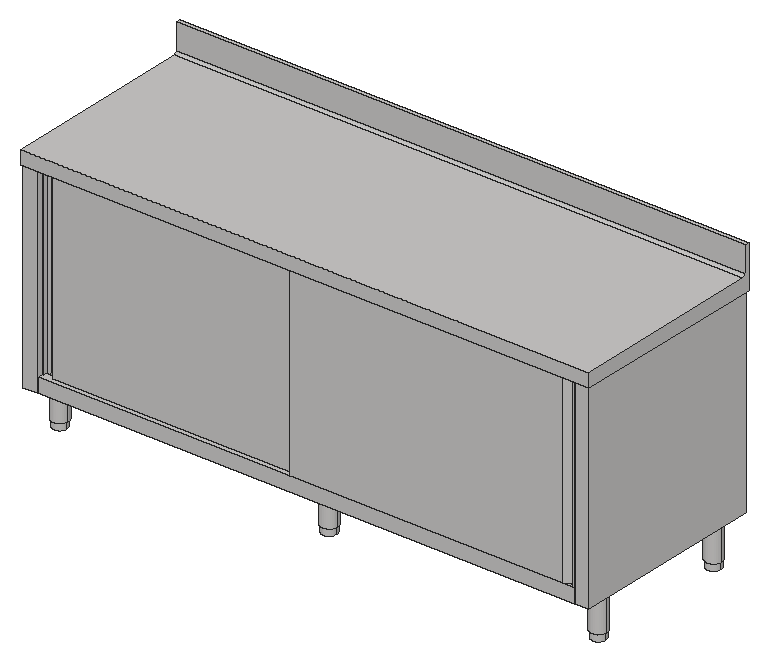
Revit family "QF_ELECTROLUXPROFESSIONAL_132781_MTN2010PN", category Attrezzature speciali, Revit 2020
Family settings
  Quota connettore circolare = Usa diametro
  Tipo di parte = Normale
  Basato su piano di lavoro = No
  Sempre verticale = Sì
  Taglio con vuoti quando caricato = No
  Condiviso = No
  Punto di calcolo locali = No
Parameters (values of type "Standard")
  Weight = 75.00 kg
  Watts = 0 W
  Volts = 0 V
  URL Manufacturer = "https://www.electroluxprofessional.com/"
  URL = "https://www.electroluxprofessional.com/"
  Steam Supply Size = 0 mm
  Steam Supply Minimum Pressure = 0.0 Pa
  Steam Supply Maximum Pressure = 0.0 Pa
  Steam Consumption per Hour = 0
  Refrigeration Suction Line Size = 0.0 mm
  Refrigeration Liquid Line Size = 0.0 mm
  Refrigerant Compressor Remote = yes
  Prospetto di default = 0.0 mm
  Produttore = "Electrolux Professional"
  Phase = 0
  Modello = "MTN2010PN"
  Length Actual = 2000.0 mm  # constant formula
  Item Number = "132781"
  Hot Water Size = 0 mm
  Height Actual = 1000.0 mm  # constant formula
  HP = "0 HP"
  Gas Size = 0 mm
  Gas KW = 0
  Gas Input Pressure = 0 W
  Direct Waste Size = 0 mm
  Descrizione = "WORKTOP CUPB+UPST+SHELF+SLIDING D.2000MM"
  Depth Actual = 700.0 mm  # constant formula
  Cycle = 0 Hz
  Condensate Return Size = 0 mm
  Compressed Air Volume = 0.0 L/s
  Compressed Air Size = 0 mm
  Compressed Air Pressure = 0.0 Pa
  Cold Water Size = 0 mm
  Accessory = yes
Reference planes
  plane 1 "Center (Front/Back)": y = 0
  plane 2: z = 0
  plane 3 "Center (Left/Right)": x = -500
  plane 4 "LEFT": x = -1500
  plane 5 "RIGHT": x = 500
  plane 6 "BACK": y = 350
  plane 7 "FRONT": y = -350
  plane 8 "Base": z = 850
  plane 9 "TOP": z = 900
  plane 10: x = -1446.9
  plane 11: x = 446.9
  plane 12: y = 264.5
  plane 13: y = -241.9
  plane 14 "BodyLeft": x = -1494.5
  plane 15 "BodyFront": y = -344.5
  plane 16 "BodyRight": x = 494.5
  plane 17 "BodyBack": y = 344.5
  plane 18 "FEET": z = 150
  plane 19: x = -444.5
  plane 20: x = -555.5
Forms (mm)
  Extrusion 1, solid, material "QF_Finishes_Stainless Steel"
    sketch origin (-500, 0, 0) x (0, 1, 0) y (0, 0, 1)
      loop
        line (-350, 850) -> (350, 850) -> (350, 1000) -> (337, 1000) -> (337, 910)
        arc (337, 910) -> (334.071, 902.929) -> (327, 900) r 10
        line (327, 900) -> (-350, 900) -> (-350, 850)
    from 1000 to -1000
  Extrusion 2, solid, material "QF_Finishes_Stainless Steel"
    sketch origin (0, 0, 150) x (-1, 0, 0) y (0, -1, 0)
      loop
        line (1494.5, -344.5) -> (1494.5, 344.5) -> (1444.5, 344.5) -> (1444.5, -344.5) -> (1494.5, -344.5)
      loop
        line (-444.5, -344.5) -> (-444.5, 344.5) -> (-494.5, 344.5) -> (-494.5, -344.5) -> (-444.5, -344.5)
    from 0 to 700
  Extrusion 3, solid, material "QF_Finishes_Stainless Steel"
    sketch origin (0, 0, 150) x (-1, 0, 0) y (0, -1, 0)
      loop
        line (1443.585, -344.5) -> (1443.585, 344.5) -> (-444.5, 344.5) -> (-444.5, -344.5) -> (1443.585, -344.5)
    from 0 to 50
  Extrusion 4, solid, material "QF_Finishes_Stainless Steel"
    sketch origin (0, 0, 150) x (-1, 0, 0) y (0, -1, 0)
      loop
        line (1443.585, -344.5) -> (1443.585, -294.5) -> (-444.5, -294.5) -> (-444.5, -344.5) -> (1443.585, -344.5)
    from 50 to 700
  Extrusion 5, solid, material "QF_Finishes_Stainless Steel"
    sketch origin (0, 0, 150) x (-1, 0, 0) y (0, -1, 0)
      loop
        line (-444.5, 344.5) -> (-444.5, 324.5) -> (555.5, 324.5) -> (555.5, 344.5) -> (-404.5, 344.5) -> (-424.5, 329.5) -> (-439.5, 329.5) -> (-439.5, 344.5) -> (-444.5, 344.5)
    from 50 to 700
  Extrusion 6, solid, material "QF_Finishes_Stainless Steel"
    sketch origin (0, 20, 150) x (1, 0, 0) y (0, 1, 0)
      loop
        line (-1444.5, -344.5) -> (-1439.5, -344.5) -> (-1439.5, -329.5) -> (-1424.5, -329.5) -> (-1404.5, -344.5) -> (-444.5, -344.5) -> (-444.5, -324.5) -> (-1444.5, -324.5) -> (-1444.5, -344.5)
    from 50 to 700
Lines and regions (mm)
  symbolic lines
    curve 1: line (500, 350, 900) -> (-1500, 350, 900)
    curve 2: line (-1500, 350, 900) -> (-1500, -350, 900)
    curve 3: line (-1500, -350, 900) -> (500, -350, 900)
    curve 4: line (500, -350, 900) -> (500, 350, 900)
    curve 5: line (-1500, 337, 900) -> (500, 337, 900)
  symbolic lines, style "SpecialityEquipmentHiddenLines"
    curve 6: line (-1494.5, -344.5, 150) -> (-1494.5, 344.5, 150)
    curve 7: line (-1494.5, 344.5, 150) -> (494.5, 344.5, 150)
    curve 8: line (494.5, 344.5, 150) -> (494.5, -344.5, 150)
    curve 9: line (494.5, -344.5, 150) -> (-1494.5, -344.5, 150)
    curve 10: line (-1444.5, -304.5, 150) -> (-444.5, -304.5, 150)
    curve 11: line (-444.5, -304.5, 150) -> (-444.5, -324.5, 150)
    curve 12: line (444.5, -324.5, 150) -> (-1444.5, -324.5, 150)
    curve 13: line (-1444.5, -324.5, 150) -> (-1444.5, -304.5, 150)
    curve 14: line (-555.5, -344.5, 150) -> (-555.5, -324.5, 150)
Dimensions and locks
  plane 4 "LEFT" to plane 5 "RIGHT" = 2000.0 mm
  equal spacing: plane 4 "LEFT", plane 3 "Center (Left/Right)", plane 5 "RIGHT"
  locked: plane 8 "Base" to level at 850
  locked: Extrusion 1 to level at 1000
  plane 9 "TOP" to level = 900.0 mm
  plane 6 "BACK" to plane 7 "FRONT" = 700.0 mm
  equal spacing: plane 6 "BACK", plane 1 "Center (Front/Back)", plane 7 "FRONT"
  locked: plane 4 "LEFT" to plane 14 "BodyLeft" at 5.5
  locked: plane 16 "BodyRight" to plane 5 "RIGHT" at 5.5
  locked: plane 15 "BodyFront" to plane 7 "FRONT" at 5.5
  locked: plane 6 "BACK" to plane 17 "BodyBack" at 5.5
  locked: plane 14 "BodyLeft" to plane 10 at 47.6
  locked: plane 11 to plane 16 "BodyRight" at 47.6
  locked: plane 13 to plane 15 "BodyFront" at 102.6
  locked: plane 17 "BodyBack" to plane 12 at 80
  plane 10 to plane 11 = 1893.8 mm
  plane 12 to plane 13 = 506.4 mm
  locked: plane 14 "BodyLeft" to Extrusion 2 sketch curve at 50
  locked: Extrusion 2 sketch curve to Extrusion 2 sketch curve at 50
  Extrusion 3 to Extrusion 4 sketch curve = 50.0 mm
  Extrusion 2 to plane 19 = 1000.0 mm
  plane 20 to Extrusion 2 = 1000.0 mm
  locked: plane 18 "FEET" to level at 150
  aligned and locked: level to plane 2
  aligned and locked: plane 10 to nested 1
  aligned and locked: nested 1 to plane 13
  aligned and locked: plane 11 to nested 2
  aligned and locked: nested 2 to plane 13
  aligned and locked: plane 11 to nested 4
  aligned and locked: nested 4 to plane 12
  aligned and locked: plane 10 to nested 3
  aligned and locked: nested 3 to plane 12
  aligned and locked: Extrusion 1 to plane 4 "LEFT"
  aligned and locked: plane 5 "RIGHT" to Extrusion 1
  aligned and locked: curve 2 to plane 4 "LEFT"
  aligned and locked: plane 17 "BodyBack" to Extrusion 2 sketch curve
  aligned and locked: Extrusion 2 sketch curve to plane 15 "BodyFront"
  aligned and locked: Extrusion 2 sketch curve to plane 14 "BodyLeft"
  aligned and locked: plane 16 "BodyRight" to Extrusion 2 sketch curve
  aligned and locked: Extrusion 2 sketch curve to plane 17 "BodyBack"
  aligned and locked: plane 15 "BodyFront" to Extrusion 2 sketch curve
  aligned and locked: Extrusion 3 sketch curve to plane 17 "BodyBack"
  aligned and locked: plane 15 "BodyFront" to Extrusion 3 sketch curve
  aligned and locked: plane 8 "Base" to Extrusion 2
  aligned and locked: plane 8 "Base" to Extrusion 5
  aligned and locked: Extrusion 5 to Extrusion 3
  aligned and locked: Extrusion 6 sketch curve to plane 19
  aligned and locked: Extrusion 5 sketch curve to plane 20
  aligned and locked: curve 7 to plane 17 "BodyBack"
  aligned and locked: Extrusion 2 to plane 14 "BodyLeft"
  aligned and locked: plane 16 "BodyRight" to curve 8
  aligned and locked: plane 15 "BodyFront" to curve 9
  aligned and locked: plane 3 "Center (Left/Right)" to nested 5
  aligned and locked: plane 3 "Center (Left/Right)" to nested 6
Automatic sketch dimensions
  curve 3 to plane 7 "FRONT" = 0.0 mm
  curve 5 to plane 5 "RIGHT" = 0.0 mm
  curve 4 to plane 6 "BACK" = 0.0 mm
  curve 5 to plane 17 "BodyBack" = 7.5 mm
  Extrusion 1 sketch curve to plane 7 "FRONT" = 0.0 mm
  Extrusion 1 sketch curve to plane 9 "TOP" = 0.0 mm
  Extrusion 1 sketch curve to plane 6 "BACK" = 0.0 mm
  Extrusion 1 sketch curve to plane 8 "Base" = 0.0 mm
  Extrusion 1 sketch curve to plane 17 "BodyBack" = 17.5 mm
  Extrusion 1 sketch curve to plane 17 "BodyBack" = 7.5 mm
  Extrusion 1 sketch curve to Extrusion 1 sketch curve = 90.0 mm
  Extrusion 5 sketch curve to plane 15 "BodyFront" = 0.0 mm  (x2)
  Extrusion 5 sketch curve to plane 11 = 2.4 mm
  Extrusion 5 sketch curve to Extrusion 5 sketch curve = 5.0 mm
  Extrusion 5 sketch curve to Extrusion 5 sketch curve = 15.0 mm
  Extrusion 5 sketch curve to Extrusion 5 sketch curve = 20.0 mm
  plane 15 "BodyFront" to Extrusion 5 sketch curve = 15.0 mm
  plane 15 "BodyFront" to Extrusion 5 sketch curve = 20.0 mm
  Extrusion 6 sketch curve to plane 15 "BodyFront" = 20.0 mm  (x2)
  Extrusion 6 sketch curve to plane 10 = 2.4 mm
  Extrusion 6 sketch curve to Extrusion 6 sketch curve = 5.0 mm
  Extrusion 6 sketch curve to Extrusion 6 sketch curve = 15.0 mm
  Extrusion 6 sketch curve to Extrusion 6 sketch curve = 20.0 mm  (x2)
  Extrusion 6 sketch curve to plane 15 "BodyFront" = 35.0 mm
  Extrusion 3 sketch curve to plane 11 = 2.4 mm
  plane 10 to Extrusion 3 sketch curve = 3.315 mm
  Extrusion 4 sketch curve to plane 11 = 2.4 mm
  plane 10 to Extrusion 4 sketch curve = 3.315 mm
  curve 10 to plane 19 = 0.0 mm
  curve 14 to plane 20 = 0.0 mm
  curve 7 to plane 14 "BodyLeft" = 0.0 mm
  plane 10 to curve 13 = 2.4 mm
  curve 10 to curve 13 = 20.0 mm
  curve 12 to plane 11 = 2.4 mm
  plane 15 "BodyFront" to curve 14 = 20.0 mm
Nested families
  nested 1: "FEET_D58-150" at (-1446.9, -241.9, 0), type "FEET_D58-150"
  nested 2: "FEET_D58-150" at (446.9, -241.9, 0), type "FEET_D58-150"
  nested 3: "FEET_D58-150" at (-1446.9, 264.5, 0), type "FEET_D58-150"
  nested 4: "FEET_D58-150" at (446.9, 264.5, 0), type "FEET_D58-150"
  nested 5: "FEET_D58-150" at (-500, -241.9, 0), type "FEET_D58-150"
  nested 6: "FEET_D58-150" at (-500, 264.5, 0), type "FEET_D58-150"
Definition of nested family "FEET_D58-150"
  Parameters
    Default Elevation = 0.0 mm
    FEET = 150.0 mm
  Reference planes
    plane 1 "Center (Front/Back)": y = 0
    plane 2: z = 0
    plane 3 "Center (Left/Right)": x = 0
    plane 4: z = 150
  Forms (mm)
    Extrusion 1, solid
      sketch origin (0, 0, 0) x (1, 0, 0) y (0, 1, 0)
        loop
          circle (0, 0) r 25
      from 0 to 25
    Extrusion 2, solid
      sketch origin (0, 0, 0) x (1, 0, 0) y (0, 1, 0)
        loop
          circle (0.061, 0) r 29
      from 25 to 150 <- "FEET"
  Lines and regions (mm)
    symbolic lines
      curve 1: line (0, -1.503, 0) -> (0, 1.508, 0)
      curve 2: line (1.561, 0, 0) -> (-1.439, 0, 0)
  Dimensions and locks
    "FEET": plane 4 to plane 2
    aligned and locked: level to plane 2
  Automatic sketch dimensions
    plane 1 "Center (Front/Back)" to Extrusion 1 sketch curve = 0.0 mm
    Extrusion 1 sketch curve to plane 3 "Center (Left/Right)" = 0.0 mm
    plane 1 "Center (Front/Back)" to curve 2 = 0.0 mm
    curve 1 to plane 3 "Center (Left/Right)" = 0.0 mm
    curve 2 to plane 3 "Center (Left/Right)" = 1.439 mm
    plane 3 "Center (Left/Right)" to curve 2 = 1.561 mm
    plane 1 "Center (Front/Back)" to curve 1 = 1.503 mm
    curve 1 to plane 1 "Center (Front/Back)" = 1.508 mm
    plane 1 "Center (Front/Back)" to Extrusion 2 sketch curve = 0.0 mm
    plane 3 "Center (Left/Right)" to Extrusion 2 sketch curve = 0.061 mm
    radius of Extrusion 1 sketch curve = 25.0 mm
    radius of Extrusion 2 sketch curve = 29.0 mm
